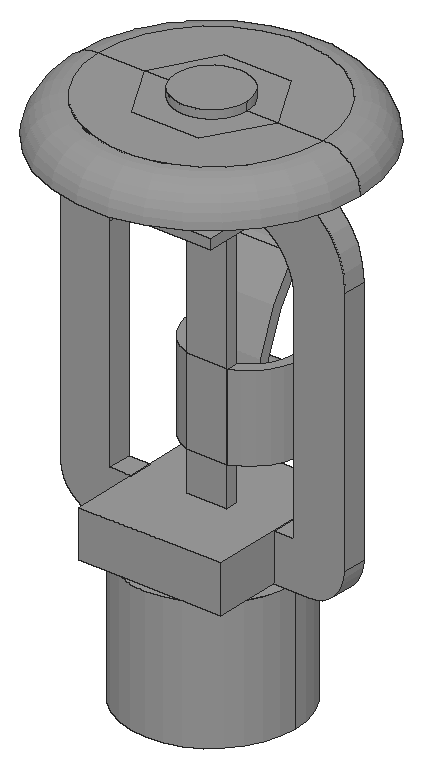
Revit family
Parameters (values of type "RASCO G UPRIGHT")
  Temperature Rating = 212 °F
  Response = (empty or 0)
  RASCO SIN # = "R1026"
  RASCO Part # = "GU2LHB"
  Pressure Rating = "175 PSI"
  Pressure Class = (empty or 0)
  Orifice Size = 17/32"
  Orifice = (empty or 0)
  Model = "G"
  Manufacturer = "RASCO"
  K-Factor = 7.96
  Description = "Brz. Finish"
  Coverage = (empty or 0)
Reference planes (in)
  plane 1 "Center (Front/Back)": y = 0
  plane 2: z = 0
  plane 3 "Center (Left/Right)": x = 0
Dimensions and locks (in)
  aligned and locked: plane 2 to level
Nested families (in)
  nested 1: "GU2LHB" at (0, 0, 0), type "RASCO G UPRIGHT"
Definition of nested family "GU2LHB"
  Parameters (values of type "RASCO G UPRIGHT")
    Type Comments = ""
    Temperature Rating = 0 °F
    Response = (empty or 0)
    Pressure Rating = "0"
    Pressure Class = (empty or 0)
    Orifice Size = 0"
    Orifice = (empty or 0)
    Model = ""
    Manufacturer = ""
    K-Factor = 0
    Description = ""
    Coverage = (empty or 0)
    Assembly Code = ""
  Reference planes (in)
    plane 1 "Center (Front/Back)": y = 0
    plane 2: z = 0
    plane 3 "ref.2": z = 0.6875
    plane 4 "ref.3": z = 0.9375
    plane 5: x = -0.38065
    plane 6: x = 0.36935
    plane 7 "ref. side 1": y = 0.06402
    plane 8 "ref. side 2": y = -0.06098
    plane 9 "ref.4": z = 1.875
    plane 10 "ref.5": z = 2.875
    plane 11 "center": x = -0.00574
  Forms (in)
    Extrusion 1, solid, material "Default"
      sketch origin (0, 0, 0) x (1, 0, 0) y (0, 1, 0)
        loop
          circle (0, 0) r 0.438
      from 0 to 0.6875
    Extrusion 2, solid, material "Default"
      sketch origin (-0.12185, 0.05177, 0.6875) x (1, 0, 0) y (0, 1, 0)
        loop
          line (-0.2588, 0.356) -> (-0.2588, -0.4565) -> (0.4912, -0.4565) -> (0.4912, 0.356) -> (-0.2588, 0.356)
      from 0 to 0.25
    Extrusion 3, solid, material "Default"
      sketch origin (0, 0, 0) x (1, 0, 0) y (0, 0, 1)
        loop
          line (-0.49248, 0.9375) -> (-0.49248, 2.10276)
          arc (-0.49248, 2.10276) -> (-0.40724, 2.30855) -> (-0.20145, 2.39379) r 0.29103
          line (-0.20145, 2.39379) -> (0.18108, 2.39379)
          arc (0.18108, 2.39379) -> (0.38905, 2.30765) -> (0.47519, 2.09969) r 0.29411
          line (0.47519, 2.09969) -> (0.47519, 0.9375) -> (0.36935, 0.9375) -> (0.36935, 0.6875) -> (0.55741, 0.6875)
          arc (0.55741, 0.6875) -> (0.69165, 0.7431) -> (0.74725, 0.87734) r 0.18984
          line (0.74725, 0.87734) -> (0.74725, 2.19113)
          arc (0.74725, 2.19113) -> (0.61669, 2.50631) -> (0.3015, 2.63687) r 0.44574
          line (0.3015, 2.63687) -> (-0.30719, 2.63687)
          arc (-0.30719, 2.63687) -> (-0.62225, 2.50637) -> (-0.75275, 2.19131) r 0.44556
          line (-0.75275, 2.19131) -> (-0.75275, 0.87876)
          arc (-0.75275, 0.87876) -> (-0.69673, 0.74352) -> (-0.56149, 0.6875) r 0.19126
          line (-0.56149, 0.6875) -> (-0.38065, 0.6875) -> (-0.38065, 0.9375) -> (-0.49248, 0.9375)
      from -0.06402 to 0.06098
    Extrusion 4, solid, material "Default"
      sketch origin (-0.00199, 0, 2.4375) x (-1, 0, 0) y (0, -1, 0)
        loop
          circle (0.00574, -0.00152) r 0.1875
      from -0.04371 to 0.4375
    Revolve 5, solid, material "Default"
      sketch origin (-0.0011, 0, 0.30638) x (1, 0, 0) y (0, 0, 1)
        loop
          line (-0.19255, 2.33367) -> (-0.19255, 2.52696) -> (-0.35809, 2.52696) -> (-0.59714, 2.52696)
          arc (-0.59714, 2.52696) -> (-0.73508, 2.47056) -> (-0.79397, 2.33367) r 0.19686
          line (-0.79397, 2.33367) -> (-0.19255, 2.33367)
        axis (-0.00574, 2.33367) -> (-0.00574, 2.52696)
      angle from 0 to 360
    Extrusion 6, solid, material "Default"
      sketch origin (0, 0, 0.9375) x (-1, 0, 0) y (0, -1, 0)
        loop
          line (-0.10175, -0.02852) -> (0.11324, -0.02852) -> (0.11324, 0.03101) -> (-0.10175, 0.03101) -> (-0.10175, -0.02852)
      from 0 to 1.45629
    Extrusion 7, solid, material "Default"
      sketch origin (-0.00574, -0.0095, -0.07537) x (0, 0, -1) y (0, -1, 0)
        loop
          line (-2.39379, 0.21198) -> (-2.39379, -0.229)
          arc (-2.39379, -0.229) -> (-2.26956, -0.41579) -> (-2.04926, -0.37342) r 0.20254
          arc (-2.04926, -0.37342) -> (-1.6599, -0.16721) -> (-1.22163, -0.12207) r 1.15319
          line (-1.22163, -0.12207) -> (-1.22163, -0.07087)
          arc (-1.22163, -0.07087) -> (-1.6782, -0.11947) -> (-2.0834, -0.33544) r 1.20419
          arc (-2.0834, -0.33544) -> (-2.24878, -0.36919) -> (-2.34279, -0.229) r 0.15154
          line (-2.34279, -0.229) -> (-2.34279, 0.21198) -> (-2.39379, 0.21198)
      from -0.17255 to 0.17398
    Extrusion 8, solid, material "Default"
      sketch origin (0, 0, 0) x (1, 0, 0) y (0, 1, 0)
        loop
          arc (0.23993, 0.23051) -> (0.19768, 0.11115) -> (0.10175, 0.02852) r 0.24647
          line (0.10175, 0.02852) -> (-0.11324, 0.02852)
          arc (-0.11324, 0.02852) -> (-0.21767, 0.12447) -> (-0.25194, 0.2621) r 0.24647
          line (-0.25194, 0.2621) -> (-0.25194, 0.40777) -> (-0.30719, 0.40777) -> (-0.30719, 0.25942)
          arc (-0.30719, 0.25942) -> (-0.25653, 0.08328) -> (-0.11324, -0.03101) r 0.30157
          line (-0.11324, -0.03101) -> (0.10175, -0.03101)
          arc (0.10175, -0.03101) -> (0.24461, 0.08262) -> (0.29574, 0.25785) r 0.30157
          line (0.29574, 0.25785) -> (0.29574, 0.40777) -> (0.23993, 0.40777) -> (0.23993, 0.23051)
      from 1.14626 to 1.59756
    Extrusion 9, solid, material "Default"
      sketch origin (-0.00574, -0.0095, -0.07537) x (0, 0, -1) y (0, -1, 0)
        loop
          circle (-1.44728, -0.26892) r 0.13147
      from -0.24568 to 0.24619
  Cuts and joins
    joined: Extrusion 1, Extrusion 2, Revolve 5
  Dimensions and locks (in)
    Revolve 5 sketch curve to Revolve 5 sketch curve = 0.78823"
    plane 10 "ref.5" to level = 2.875"
